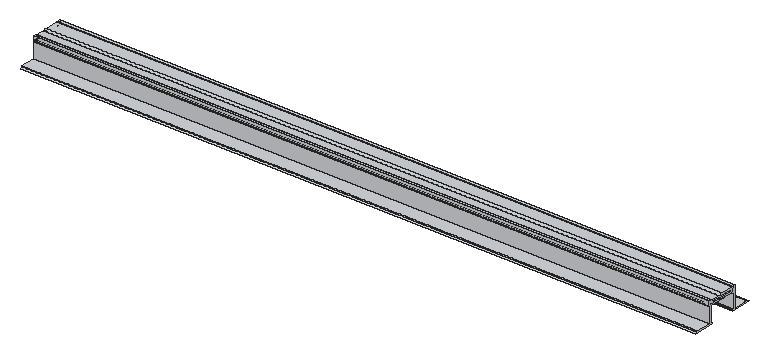
Revit family "NJunta Pro Metal 100", category Modelos genéricos, Revit 2024 (continued)
Automatic sketch dimensions
  Extrusion 6 sketch curve to Extrusion 6 sketch curve = 0.356 mm
  Extrusion 6 sketch curve to level = 13.748 mm
  Extrusion 6 sketch curve to Extrusion 6 sketch curve = 23.675 mm
  Extrusion 6 sketch curve to level = 8.257 mm
  Extrusion 6 sketch curve to Extrusion 6 sketch curve = 0.321 mm
  Extrusion 6 sketch curve to Extrusion 6 sketch curve = 1.254 mm
  Extrusion 6 sketch curve to level = 2.122 mm
  Extrusion 6 sketch curve to Extrusion 6 sketch curve = 0.047 mm  (x2)
  Extrusion 6 sketch curve to level = 34.821 mm
  Extrusion 6 sketch curve to Extrusion 6 sketch curve = 12.047 mm
  level to Extrusion 6 sketch curve = 0.167 mm
  Extrusion 6 sketch curve to Extrusion 6 sketch curve = 11.422 mm
  Extrusion 6 sketch curve to level = 17.874 mm
  Extrusion 6 sketch curve to Extrusion 6 sketch curve = 14.925 mm
  Extrusion 6 sketch curve to Extrusion 6 sketch curve = 2.878 mm
  Extrusion 6 sketch curve to level = 15.585 mm
  Extrusion 6 sketch curve to level = 9.55 mm
  Extrusion 6 sketch curve to level = 11.232 mm
  Extrusion 6 sketch curve to level = 17.247 mm
  Extrusion 6 sketch curve to Extrusion 6 sketch curve = 0.49 mm
  Extrusion 6 sketch curve to Extrusion 6 sketch curve = 0.108 mm
  Extrusion 6 sketch curve to Extrusion 6 sketch curve = 1.615 mm
  Extrusion 6 sketch curve to Extrusion 6 sketch curve = 2.117 mm  (x2)
  Extrusion 6 sketch curve to Extrusion 6 sketch curve = 2.239 mm
  Extrusion 6 sketch curve to plane 1 "Center (Front/Back)" = 55.453 mm
  Extrusion 6 sketch curve to Extrusion 6 sketch curve = 3.248 mm
  Extrusion 6 sketch curve to plane 1 "Center (Front/Back)" = 63.753 mm
  Extrusion 6 sketch curve to plane 1 "Center (Front/Back)" = 64.253 mm
  Extrusion 6 sketch curve to plane 1 "Center (Front/Back)" = 64.333 mm
  Extrusion 6 sketch curve to Extrusion 6 sketch curve = 0.9 mm
  Extrusion 6 sketch curve to Extrusion 6 sketch curve = 2.9 mm
  Extrusion 6 sketch curve to Extrusion 6 sketch curve = 2.1 mm  (x2)
  Extrusion 6 sketch curve to Extrusion 6 sketch curve = 1.7 mm  (x2)
  Extrusion 6 sketch curve to level = 19.811 mm
  Extrusion 6 sketch curve to Extrusion 6 sketch curve = 1.053 mm
  Extrusion 6 sketch curve to Extrusion 6 sketch curve = 1.039 mm
  Extrusion 6 sketch curve to Extrusion 6 sketch curve = 0.341 mm  (x2)
  Extrusion 6 sketch curve to Extrusion 6 sketch curve = 3.24 mm
  Extrusion 6 sketch curve to Extrusion 6 sketch curve = 0.275 mm
  Extrusion 6 sketch curve to Extrusion 6 sketch curve = 3.035 mm
  Extrusion 6 sketch curve to Extrusion 6 sketch curve = 1.034 mm
  Extrusion 6 sketch curve to Extrusion 6 sketch curve = 1.035 mm
  Extrusion 6 sketch curve to Extrusion 6 sketch curve = 3.217 mm
  Extrusion 6 sketch curve to Extrusion 6 sketch curve = 0.393 mm
  Extrusion 6 sketch curve to Extrusion 6 sketch curve = 4.083 mm
  Extrusion 6 sketch curve to Extrusion 6 sketch curve = 16.947 mm
  Extrusion 6 sketch curve to Extrusion 6 sketch curve = 6 mm  (x2)
  Extrusion 6 sketch curve to Extrusion 6 sketch curve = 0.873 mm
  Extrusion 6 sketch curve to level = 18.783 mm  (x2)
  Extrusion 6 sketch curve to Extrusion 6 sketch curve = 0.767 mm  (x2)
  Extrusion 6 sketch curve to Extrusion 6 sketch curve = 0.143 mm
  Extrusion 6 sketch curve to plane 1 "Center (Front/Back)" = 120.653 mm
  Extrusion 7 sketch curve to Extrusion 7 sketch curve = 0 mm  (x52)
  plane 1 "Center (Front/Back)" to Extrusion 7 sketch curve = 57.369 mm
  Extrusion 7 sketch curve to Extrusion 7 sketch curve = 0.5 mm  (x3)
  level to Extrusion 7 sketch curve = 1.445 mm
  Extrusion 7 sketch curve to Extrusion 7 sketch curve = 3 mm  (x2)
  Extrusion 7 sketch curve to Extrusion 7 sketch curve = 1 mm
  Extrusion 7 sketch curve to Extrusion 7 sketch curve = 4.5 mm  (x2)
  Extrusion 7 sketch curve to level = 3.642 mm
  Extrusion 7 sketch curve to Extrusion 7 sketch curve = 1.775 mm  (x2)
  Extrusion 7 sketch curve to level = 14.077 mm
  Extrusion 7 sketch curve to Extrusion 7 sketch curve = 1.784 mm  (x2)
  Extrusion 7 sketch curve to Extrusion 7 sketch curve = 3.716 mm  (x2)
  Extrusion 7 sketch curve to Extrusion 7 sketch curve = 4.245 mm
  Extrusion 7 sketch curve to Extrusion 7 sketch curve = 4.241 mm
  Extrusion 7 sketch curve to level = 5.821 mm
  Extrusion 7 sketch curve to Extrusion 7 sketch curve = 0.753 mm  (x2)
  Extrusion 7 sketch curve to level = 11.89 mm
  Extrusion 7 sketch curve to Extrusion 7 sketch curve = 0.758 mm  (x2)
  Extrusion 7 sketch curve to level = 17.261 mm
  Extrusion 7 sketch curve to Extrusion 7 sketch curve = 2.246 mm
  Extrusion 7 sketch curve to level = 0.46 mm
  Extrusion 7 sketch curve to level = 12.657 mm
  Extrusion 7 sketch curve to Extrusion 7 sketch curve = 8.796 mm
  Extrusion 7 sketch curve to level = 6.468 mm
  Extrusion 7 sketch curve to Extrusion 7 sketch curve = 0.356 mm
  Extrusion 7 sketch curve to level = 13.8 mm
  Extrusion 7 sketch curve to Extrusion 7 sketch curve = 25.075 mm
  Extrusion 7 sketch curve to level = 8.209 mm
  Extrusion 7 sketch curve to Extrusion 7 sketch curve = 0.322 mm
  Extrusion 7 sketch curve to Extrusion 7 sketch curve = 1.242 mm
  Extrusion 7 sketch curve to Extrusion 7 sketch curve = 0.048 mm  (x2)
  Extrusion 7 sketch curve to Extrusion 7 sketch curve = 10.425 mm
  Extrusion 7 sketch curve to level = 34.862 mm
  Extrusion 7 sketch curve to Extrusion 7 sketch curve = 12.065 mm
  Extrusion 7 sketch curve to level = 17.798 mm
  Extrusion 7 sketch curve to Extrusion 7 sketch curve = 12.641 mm
  Extrusion 7 sketch curve to Extrusion 7 sketch curve = 2.458 mm
  Extrusion 7 sketch curve to level = 15.534 mm
  Extrusion 7 sketch curve to level = 9.398 mm
  Extrusion 7 sketch curve to plane 1 "Center (Front/Back)" = 42.734 mm
  Extrusion 7 sketch curve to Extrusion 7 sketch curve = 0.35 mm
  Extrusion 7 sketch curve to Extrusion 7 sketch curve = 8.663 mm
  Extrusion 7 sketch curve to Extrusion 7 sketch curve = 0.055 mm
  Extrusion 7 sketch curve to Extrusion 7 sketch curve = 0.483 mm
  Extrusion 7 sketch curve to Extrusion 7 sketch curve = 0.101 mm
  Extrusion 7 sketch curve to Extrusion 7 sketch curve = 2.115 mm
  Extrusion 7 sketch curve to Extrusion 7 sketch curve = 2.12 mm
  Extrusion 7 sketch curve to Extrusion 7 sketch curve = 2.247 mm
  Extrusion 7 sketch curve to plane 1 "Center (Front/Back)" = 54.753 mm
  Extrusion 7 sketch curve to Extrusion 7 sketch curve = 4.1 mm
  Extrusion 7 sketch curve to Extrusion 7 sketch curve = 0.585 mm
  Extrusion 7 sketch curve to Extrusion 7 sketch curve = 2.8 mm
  Extrusion 7 sketch curve to Extrusion 7 sketch curve = 3.725 mm
  Extrusion 7 sketch curve to Extrusion 7 sketch curve = 4 mm  (x2)
  Extrusion 7 sketch curve to plane 1 "Center (Front/Back)" = 64.753 mm
  Extrusion 7 sketch curve to plane 1 "Center (Front/Back)" = 116.953 mm
  Extrusion 7 sketch curve to Extrusion 7 sketch curve = 5.647 mm
  Extrusion 7 sketch curve to level = 75.554 mm
  Extrusion 7 sketch curve to Extrusion 7 sketch curve = 0.2 mm
  Extrusion 7 sketch curve to Extrusion 7 sketch curve = 1.7 mm
  Extrusion 7 sketch curve to Extrusion 7 sketch curve = 4.848 mm
  Extrusion 7 sketch curve to Extrusion 7 sketch curve = 3.042 mm
  Extrusion 7 sketch curve to Extrusion 7 sketch curve = 1.503 mm
  Extrusion 7 sketch curve to Extrusion 7 sketch curve = 4.077 mm  (x2)
  Extrusion 7 sketch curve to Extrusion 7 sketch curve = 0.203 mm
  Extrusion 7 sketch curve to Extrusion 7 sketch curve = 0.341 mm  (x2)
  Extrusion 7 sketch curve to Extrusion 7 sketch curve = 4.988 mm
  Extrusion 7 sketch curve to Extrusion 7 sketch curve = 1.033 mm
  Extrusion 7 sketch curve to Extrusion 7 sketch curve = 1.036 mm
  Extrusion 7 sketch curve to Extrusion 7 sketch curve = 3.223 mm
  Extrusion 7 sketch curve to Extrusion 7 sketch curve = 0.405 mm
  Extrusion 7 sketch curve to Extrusion 7 sketch curve = 0.393 mm
  Extrusion 7 sketch curve to Extrusion 7 sketch curve = 1.97 mm
  Extrusion 7 sketch curve to Extrusion 7 sketch curve = 17.018 mm
  Extrusion 7 sketch curve to Extrusion 7 sketch curve = 46.095 mm
  Extrusion 7 sketch curve to Extrusion 7 sketch curve = 3.806 mm
  Extrusion 7 sketch curve to Extrusion 7 sketch curve = 2.122 mm
  Extrusion 8 sketch curve to Extrusion 8 sketch curve = 0 mm  (x62)
  Extrusion 8 sketch curve to level = 79.554 mm  (x2)
  plane 1 "Center (Front/Back)" to Extrusion 8 sketch curve = 116.094 mm
  Extrusion 8 sketch curve to level = 75.554 mm
  Extrusion 8 sketch curve to Extrusion 8 sketch curve = 5.647 mm  (x2)
  Extrusion 8 sketch curve to Extrusion 8 sketch curve = 3 mm  (x2)
  level to Extrusion 8 sketch curve = 0.446 mm
  Extrusion 8 sketch curve to Extrusion 8 sketch curve = 52.2 mm
  Extrusion 8 sketch curve to Extrusion 8 sketch curve = 3.2 mm
  Extrusion 8 sketch curve to Extrusion 8 sketch curve = 4.5 mm  (x3)
  Extrusion 8 sketch curve to level = 3.642 mm
  Extrusion 8 sketch curve to Extrusion 8 sketch curve = 1.775 mm  (x2)
  Extrusion 8 sketch curve to level = 14.077 mm
  Extrusion 8 sketch curve to Extrusion 8 sketch curve = 1.784 mm  (x2)
  Extrusion 8 sketch curve to Extrusion 8 sketch curve = 4 mm  (x2)
  Extrusion 8 sketch curve to level = 20.183 mm
  Extrusion 8 sketch curve to Extrusion 8 sketch curve = 1.415 mm
  Extrusion 8 sketch curve to Extrusion 8 sketch curve = 0.585 mm  (x2)
  Extrusion 8 sketch curve to level = 77.454 mm
  Extrusion 8 sketch curve to Extrusion 8 sketch curve = 2.8 mm  (x2)
  Extrusion 8 sketch curve to Extrusion 8 sketch curve = 3.725 mm  (x2)
  Extrusion 8 sketch curve to Extrusion 8 sketch curve = 4.25 mm
  Extrusion 8 sketch curve to Extrusion 8 sketch curve = 0.753 mm  (x2)
  Extrusion 8 sketch curve to level = 11.89 mm
  Extrusion 8 sketch curve to Extrusion 8 sketch curve = 0.758 mm  (x2)
  Extrusion 8 sketch curve to level = 17.261 mm
  Extrusion 8 sketch curve to Extrusion 8 sketch curve = 4.156 mm
  Extrusion 8 sketch curve to Extrusion 8 sketch curve = 2.872 mm
  Extrusion 8 sketch curve to level = 18.751 mm
  Extrusion 8 sketch curve to Extrusion 8 sketch curve = 0.529 mm
  Extrusion 8 sketch curve to level = 0.46 mm
  Extrusion 8 sketch curve to level = 12.657 mm
  Extrusion 8 sketch curve to Extrusion 8 sketch curve = 8.796 mm
  Extrusion 8 sketch curve to level = 6.468 mm
  Extrusion 8 sketch curve to Extrusion 8 sketch curve = 0.356 mm
  Extrusion 8 sketch curve to level = 13.8 mm
  Extrusion 8 sketch curve to Extrusion 8 sketch curve = 25.075 mm
  Extrusion 8 sketch curve to level = 8.209 mm
  Extrusion 8 sketch curve to Extrusion 8 sketch curve = 0.322 mm
  Extrusion 8 sketch curve to Extrusion 8 sketch curve = 1.242 mm
  Extrusion 8 sketch curve to Extrusion 8 sketch curve = 0.048 mm  (x2)
  Extrusion 8 sketch curve to level = 34.862 mm
  Extrusion 8 sketch curve to Extrusion 8 sketch curve = 12.065 mm
  Extrusion 8 sketch curve to Extrusion 8 sketch curve = 11.42 mm
  Extrusion 8 sketch curve to level = 17.833 mm
  Extrusion 8 sketch curve to Extrusion 8 sketch curve = 13.528 mm
  Extrusion 8 sketch curve to Extrusion 8 sketch curve = 1.463 mm
  Extrusion 8 sketch curve to level = 15.534 mm
  Extrusion 8 sketch curve to level = 9.398 mm
  Extrusion 8 sketch curve to plane 1 "Center (Front/Back)" = 42.734 mm
  Extrusion 8 sketch curve to Extrusion 8 sketch curve = 0.35 mm
  Extrusion 8 sketch curve to Extrusion 8 sketch curve = 8.663 mm
  Extrusion 8 sketch curve to Extrusion 8 sketch curve = 0.055 mm
  Extrusion 8 sketch curve to Extrusion 8 sketch curve = 0.483 mm
  Extrusion 8 sketch curve to Extrusion 8 sketch curve = 0.101 mm
  Extrusion 8 sketch curve to Extrusion 8 sketch curve = 2.115 mm
  Extrusion 8 sketch curve to Extrusion 8 sketch curve = 2.12 mm
  Extrusion 8 sketch curve to Extrusion 8 sketch curve = 2.247 mm
  Extrusion 8 sketch curve to plane 1 "Center (Front/Back)" = 54.753 mm
  Extrusion 8 sketch curve to Extrusion 8 sketch curve = 4.1 mm
  Extrusion 8 sketch curve to Extrusion 8 sketch curve = 3.716 mm
  Extrusion 8 sketch curve to plane 1 "Center (Front/Back)" = 61.553 mm
  Extrusion 8 sketch curve to plane 1 "Center (Front/Back)" = 64.753 mm
  Extrusion 8 sketch curve to plane 1 "Center (Front/Back)" = 116.953 mm
  Extrusion 8 sketch curve to Extrusion 8 sketch curve = 2.1 mm
  Extrusion 8 sketch curve to Extrusion 8 sketch curve = 1.7 mm  (x2)
  Extrusion 8 sketch curve to Extrusion 8 sketch curve = 4.848 mm
  Extrusion 8 sketch curve to Extrusion 8 sketch curve = 3.042 mm  (x2)
  Extrusion 8 sketch curve to Extrusion 8 sketch curve = 1.503 mm
  Extrusion 8 sketch curve to Extrusion 8 sketch curve = 0.19 mm
  Extrusion 8 sketch curve to Extrusion 8 sketch curve = 0.203 mm
  Extrusion 8 sketch curve to Extrusion 8 sketch curve = 0.341 mm  (x2)
  Extrusion 8 sketch curve to Extrusion 8 sketch curve = 4.988 mm
  Extrusion 8 sketch curve to Extrusion 8 sketch curve = 1.033 mm
  Extrusion 8 sketch curve to Extrusion 8 sketch curve = 3.223 mm
  Extrusion 8 sketch curve to Extrusion 8 sketch curve = 0.393 mm
  Extrusion 8 sketch curve to Extrusion 8 sketch curve = 0.5 mm
  Extrusion 8 sketch curve to Extrusion 8 sketch curve = 1.958 mm
  Extrusion 8 sketch curve to Extrusion 8 sketch curve = 4.077 mm
  Extrusion 8 sketch curve to Extrusion 8 sketch curve = 17.03 mm
